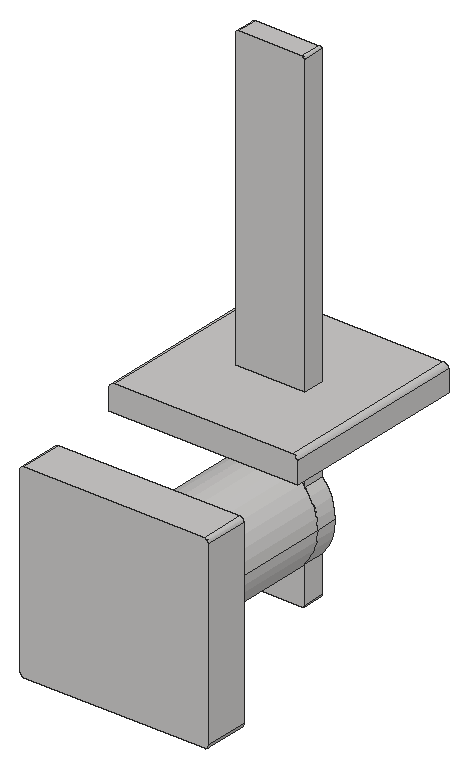
Revit family "SA-2508", category Plumbing Fixtures, host Wall, Revit 2023
Family settings
  Host = Wall
  Round Connector Dimension = Use Diameter
  Part Type = Normal
  OmniClass Number = 23.45.00.00
  OmniClass Title = Sanitary, Laundry, and Cleaning Equipment
  Enable Cutting in Views = No
  Always vertical = Yes
  Cut with Voids When Loaded = No
  Maintain Annotation Orientation = No
  Shared = No
  Room Calculation Point = No
Parameters
  Default Elevation = 0"
Reference planes (in)
  plane 1: y = 0
  plane 2 "Center (Left/Right)": x = -0.47711
  plane 3 "Back": y = 3
  plane 4: x = 0.89789
  plane 5: x = -1.85211
  plane 6: z = 7.5
  plane 7 "4": x = 0.02289
  plane 8 "5": x = -0.97711
  plane 9: z = 3.125
  plane 10: y = 7.375
  plane 11: y = 7.375
  plane 12: y = 3
  plane 13: y = 4.625
  plane 14: y = 4.625
  plane 15: y = 6.15625
  plane 16: y = 5.84375
  plane 17: x = 0.21733
  plane 18: x = -1.28267
Forms (in)
  Extrusion 1, solid, material "stainless steel"
    sketch origin (-60.01432, 7.375, 0) x (-1, 0, 0) y (0, 0, -1)
      loop
        circle (-59.48166, -1.375) r 0.75
    from 1.53125 to 3.73759
  Extrusion 2, solid, material "stainless steel"
    sketch origin (-60, 3.63741, 0) x (-1, 0, 0) y (0, 0, -1)
      loop
        line (-60.83794, -2.75) -> (-58.20785, -2.75)
        arc (-58.20785, -2.75) -> (-58.16545, -2.73244) -> (-58.14789, -2.69004) r 0.05996
        line (-58.14789, -2.69004) -> (-58.14789, -0.05996)
        arc (-58.14789, -0.05996) -> (-58.16545, -0.01756) -> (-58.20785, 0) r 0.05996
        line (-58.20785, 0) -> (-60.83794, 0)
        arc (-60.83794, 0) -> (-60.88033, -0.01756) -> (-60.89789, -0.05996) r 0.05996
        line (-60.89789, -0.05996) -> (-60.89789, -2.69004)
        arc (-60.89789, -2.69004) -> (-60.88033, -2.73244) -> (-60.83794, -2.75) r 0.05996
    from 0 to 0.63741
  Extrusion 3, solid, material "stainless steel"
    sketch origin (-60, 11.79699, 0.375) x (-1, 0, 0) y (0, 0, -1)
      loop
        line (-60.81967, -2.75) -> (-58.22611, -2.75)
        arc (-58.22611, -2.75) -> (-58.17448, -2.73083) -> (-58.14789, -2.6826) r 0.07909
        line (-58.14789, -2.6826) -> (-58.14789, -2.375) -> (-60.89789, -2.375) -> (-60.89789, -2.6826)
        arc (-60.89789, -2.6826) -> (-60.8713, -2.73083) -> (-60.81967, -2.75) r 0.07909
    from 4.42199 to 7.17199
  Extrusion 4, solid, material "stainless steel"
    sketch origin (-60, 11.79699, 0) x (-1, 0, 0) y (0, 0, -1)
      loop
        arc (-59.98801, -0.29552) -> (-60.01267, -0.30573) -> (-60.02289, -0.3304) r 0.03488
        line (-60.02289, -0.3304) -> (-60.02289, -7.46512)
        arc (-60.02289, -7.46512) -> (-60.01267, -7.48978) -> (-59.98801, -7.5) r 0.03488
        line (-59.98801, -7.5) -> (-59.05777, -7.5)
        arc (-59.05777, -7.5) -> (-59.03311, -7.48978) -> (-59.02289, -7.46512) r 0.03488
        line (-59.02289, -7.46512) -> (-59.02289, -0.3304)
        arc (-59.02289, -0.3304) -> (-59.03311, -0.30573) -> (-59.05777, -0.29552) r 0.03488
        line (-59.05777, -0.29552) -> (-59.98801, -0.29552)
    from 5.64074 to 5.95324
  Extrusion 5, solid, material "stainless steel"
    sketch origin (-60, 3, 0) x (-1, 0, 0) y (0, 0, 1)
      loop
        arc (-60.21733, 1.375) -> (-60.16704, 1.10497) -> (-60.02289, 0.87116) r 0.75
        line (-60.02289, 0.87116) -> (-60.02289, 1.87884)
        arc (-60.02289, 1.87884) -> (-60.16704, 1.64503) -> (-60.21733, 1.375) r 0.75
    from 2.84375 to 3.15625
  Extrusion 6, solid, material "stainless steel"
    sketch origin (-60, 3, 0) x (-1, 0, 0) y (0, 0, 1)
      loop
        arc (-59.02289, 0.77087) -> (-58.79807, 1.0365) -> (-58.71733, 1.375) r 0.75
        arc (-58.71733, 1.375) -> (-58.79807, 1.7135) -> (-59.02289, 1.97913) r 0.75
        line (-59.02289, 1.97913) -> (-59.02289, 0.77087)
    from 2.84375 to 3.15625
Text (in)
  text "Placement Side" at (0, 40.15149, 123.01588), in view "Right"
  text "Placement Side" at (-70.3804, 45.82615, 0), in view "Ref. Level"
  text "Placement Side" at (0, 47.49176, 113.10569), in view "Left"
Dimensions and locks (in)
  locked: plane 3 "Back" to host wall
  plane 7 "4" to plane 8 "5" = 1"
  Extrusion 3 to Extrusion 2 = 4 3/8"
  Extrusion 3 to Extrusion 3 = 2 3/4"
  plane 16 to plane 15 = 5/16"
  plane 5 to plane 4 = 2 3/4"  (x2)
  plane 18 to plane 17 = 1 1/2"
  Extrusion 2 to Extrusion 2 = 2 3/4"
  Extrusion 2 to Extrusion 4 = 7 1/2"
  Extrusion 3 to Extrusion 4 = 4 3/8"
